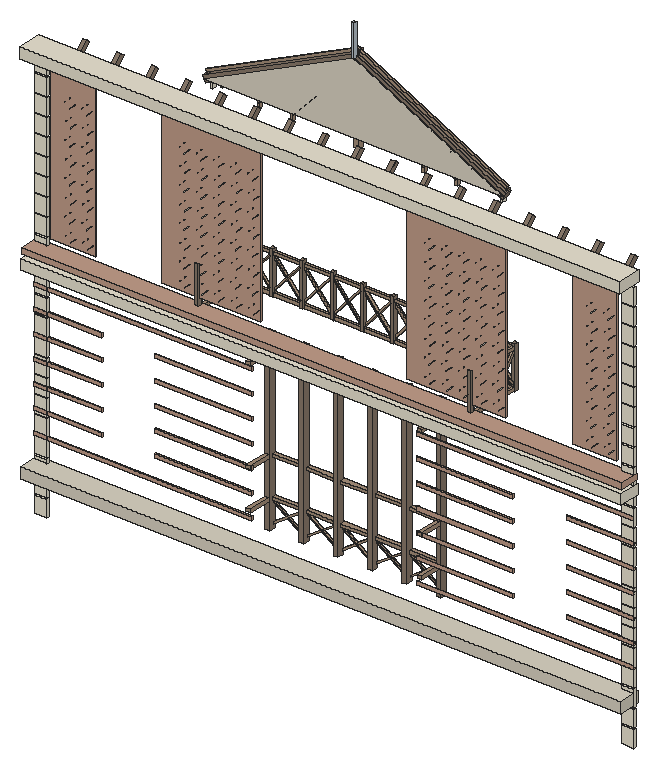
Revit family "AM_Detail_02_Rear_balcony_facade__observed", category Generic Models, Revit 2025 (continued)
Forms (mm)
  Extrusion 736, solid, material "AM Carved warm timber"
    sketch origin (2050, 6620, 2815) x (1, 0, 0) y (0, 1, 0)
      loop
        line (0, 0) -> (-100, 0) -> (-100, -620) -> (0, -620) -> (0, 0)
    from 0 to 70
  Extrusion 737, solid, material "AM Carved warm timber"
    sketch origin (2050, 6620, 4985) x (1, 0, 0) y (0, 1, 0)
      loop
        line (0, 0) -> (-100, 0) -> (-100, -620) -> (0, -620) -> (0, 0)
    from 0 to 70
  Extrusion 738, solid, material "AM Carved warm timber"
    sketch origin (-1950, 6620, 1915) x (1, 0, 0) y (0, 1, 0)
      loop
        line (0, 0) -> (-100, 0) -> (-100, -620) -> (0, -620) -> (0, 0)
    from 0 to 70
  Extrusion 739, solid, material "AM Carved warm timber"
    sketch origin (-1950, 6620, 2815) x (1, 0, 0) y (0, 1, 0)
      loop
        line (0, 0) -> (-100, 0) -> (-100, -620) -> (0, -620) -> (0, 0)
    from 0 to 70
  Extrusion 740, solid, material "AM Carved warm timber"
    sketch origin (-1950, 6620, 4985) x (1, 0, 0) y (0, 1, 0)
      loop
        line (0, 0) -> (-100, 0) -> (-100, -620) -> (0, -620) -> (0, 0)
    from 0 to 70
  Extrusion 741, solid, material "AM Warm limestone - fine pores"
    sketch origin (3500, 6580, 10180) x (0, 0, 1) y (1, 0, 0)
      loop
        line (0, 0) -> (0, -7000) -> (1670, -3500) -> (0, 0)
    from 0 to 9
  Extrusion 742, solid, material "AM Aged chestnut timber"
    sketch origin (3465.549, 6740, 10107.798) x (0.430634, 0, 0.902527) y (0, 1, 0)
      loop
        line (0, 0) -> (0, -160) -> (160, -160) -> (160, 0) -> (0, 0)
    from 0 to 3878.002
  Extrusion 743, solid, material "AM Carved warm timber"
    sketch origin (3487.081, 6710, 10302.924) x (0.430632, 0, 0.902527) y (0, 1, 0)
      loop
        line (0, 0) -> (0, -60) -> (60, -60) -> (60, 0) -> (0, 0)
    from 0 to 3878.002
  Extrusion 744, solid, material "AM Aged chestnut timber"
    sketch origin (-3465.549, 6580, 10107.798) x (0.430634, 0, -0.902527) y (0, 1, 0)
      loop
        line (0, 0) -> (0, 160) -> (-160, 160) -> (-160, 0) -> (0, 0)
    from 0 to 3878.002
  Extrusion 745, solid, material "AM Carved warm timber"
    sketch origin (-3487.081, 6650, 10302.924) x (0.430632, 0, -0.902527) y (0, 1, 0)
      loop
        line (0, 0) -> (0, 60) -> (-60, 60) -> (-60, 0) -> (0, 0)
    from 0 to 3878.002
  Extrusion 746, solid, material "AM Aged chestnut timber"
    sketch origin (3500, 6750, 10179.999) x (0, -1, 0) y (0, 0, 1)
      loop
        line (0, 0) -> (100, 0) -> (100, 100) -> (0, 100) -> (0, 0)
    from 0 to 7000
  Extrusion 747, solid, material "AM Carved warm timber"
    sketch origin (60, 6770, 9930) x (1, 0, 0) y (0, 1, 0)
      loop
        line (0, 0) -> (-120, 0) -> (-120, -120) -> (0, -120) -> (0, 0)
    from 0 to 2059.999
  Extrusion 748, solid, material "AM Carved warm timber"
    sketch origin (2337.5, 6737.5, 9960) x (1, 0, 0) y (0, 1, 0)
      loop
        line (0, 0) -> (-55, 0) -> (-55, -55) -> (0, -55) -> (0, 0)
    from 0 to 787.8
  Extrusion 749, solid, material "AM Carved warm timber"
    sketch origin (2295.501, 6735, 10059.633) x (0.579936, 0, 0.814662) y (0, 1, 0)
      loop
        line (0, 0) -> (0, -50) -> (50, -50) -> (50, 0) -> (0, 0)
    from 0 to 1275.994
  Extrusion 750, solid, material "AM Carved warm timber"
    sketch origin (1567.5, 6737.5, 9959.999) x (1, 0, 0) y (0, 1, 0)
      loop
        line (0, 0) -> (-55, 0) -> (-55, -55) -> (0, -55) -> (0, 0)
    from 0 to 1155.201
  Extrusion 751, solid, material "AM Carved warm timber"
    sketch origin (1521.752, 6735, 10062.911) x (0.729901, 0, 0.683553) y (0, 1, 0)
      loop
        line (0, 0) -> (0, -50) -> (50, -50) -> (50, 0) -> (0, 0)
    from 0 to 1013.829
  Extrusion 752, solid, material "AM Carved warm timber"
    sketch origin (-1512.5, 6737.5, 9959.999) x (1, 0, 0) y (0, 1, 0)
      loop
        line (0, 0) -> (-55, 0) -> (-55, -55) -> (0, -55) -> (0, 0)
    from 0 to 1155.201
  Extrusion 753, solid, material "AM Carved warm timber"
    sketch origin (-1521.752, 6685, 10062.911) x (0.729901, 0, -0.683553) y (0, 1, 0)
      loop
        line (0, 0) -> (0, 50) -> (-50, 50) -> (-50, 0) -> (0, 0)
    from 0 to 1013.829
  Extrusion 754, solid, material "AM Carved warm timber"
    sketch origin (-2282.5, 6737.5, 9960) x (1, 0, 0) y (0, 1, 0)
      loop
        line (0, 0) -> (-55, 0) -> (-55, -55) -> (0, -55) -> (0, 0)
    from 0 to 787.8
  Extrusion 755, solid, material "AM Carved warm timber"
    sketch origin (-2295.501, 6685, 10059.633) x (0.579936, 0, -0.814662) y (0, 1, 0)
      loop
        line (0, 0) -> (0, 50) -> (-50, 50) -> (-50, 0) -> (0, 0)
    from 0 to 1275.994
  Extrusion 756, solid, material "AM Ivory carved stone"
    sketch origin (3407.5, 6740, 9992.257) x (1, 0, 0) y (0, 1, 0)
      loop
        line (0, 0) -> (-55, 0) -> (-55, -80) -> (0, -80) -> (0, 0)
    from 0 to 129.999
  Extrusion 757, solid, material "AM Ivory carved stone"
    sketch origin (3174.397, 6740, 10103.481) x (1, 0, 0) y (0, 1, 0)
      loop
        line (0, 0) -> (-55, 0) -> (-55, -80) -> (0, -80) -> (0, 0)
    from 0 to 129.999
  Extrusion 758, solid, material "AM Ivory carved stone"
    sketch origin (2941.293, 6740, 10214.705) x (1, 0, 0) y (0, 1, 0)
      loop
        line (0, 0) -> (-55, 0) -> (-55, -80) -> (0, -80) -> (0, 0)
    from 0 to 129.999
  Extrusion 759, solid, material "AM Ivory carved stone"
    sketch origin (2708.189, 6740, 10325.929) x (1, 0, 0) y (0, 1, 0)
      loop
        line (0, 0) -> (-55, 0) -> (-55, -80) -> (0, -80) -> (0, 0)
    from 0 to 129.999
  Extrusion 760, solid, material "AM Ivory carved stone"
    sketch origin (2475.086, 6740, 10437.152) x (1, 0, 0) y (0, 1, 0)
      loop
        line (0, 0) -> (-55, 0) -> (-55, -80) -> (0, -80) -> (0, 0)
    from 0 to 129.999
  Extrusion 761, solid, material "AM Ivory carved stone"
    sketch origin (2241.983, 6740, 10548.376) x (1, 0, 0) y (0, 1, 0)
      loop
        line (0, 0) -> (-55, 0) -> (-55, -80) -> (0, -80) -> (0, 0)
    from 0 to 129.999
  Extrusion 762, solid, material "AM Ivory carved stone"
    sketch origin (2008.879, 6740, 10659.599) x (1, 0, 0) y (0, 1, 0)
      loop
        line (0, 0) -> (-55, 0) -> (-55, -80) -> (0, -80) -> (0, 0)
    from 0 to 129.999
  Extrusion 763, solid, material "AM Ivory carved stone"
    sketch origin (1775.776, 6740, 10770.823) x (1, 0, 0) y (0, 1, 0)
      loop
        line (0, 0) -> (-55, 0) -> (-55, -80) -> (0, -80) -> (0, 0)
    from 0 to 129.999
  Extrusion 764, solid, material "AM Ivory carved stone"
    sketch origin (1542.672, 6740, 10882.047) x (1, 0, 0) y (0, 1, 0)
      loop
        line (0, 0) -> (-55, 0) -> (-55, -80) -> (0, -80) -> (0, 0)
    from 0 to 129.999
  Extrusion 765, solid, material "AM Ivory carved stone"
    sketch origin (1309.569, 6740, 10993.27) x (1, 0, 0) y (0, 1, 0)
      loop
        line (0, 0) -> (-55, 0) -> (-55, -80) -> (0, -80) -> (0, 0)
    from 0 to 129.999
  Extrusion 766, solid, material "AM Ivory carved stone"
    sketch origin (1076.466, 6740, 11104.494) x (1, 0, 0) y (0, 1, 0)
      loop
        line (0, 0) -> (-55, 0) -> (-55, -80) -> (0, -80) -> (0, 0)
    from 0 to 129.999
  Extrusion 767, solid, material "AM Ivory carved stone"
    sketch origin (843.362, 6740, 11215.717) x (1, 0, 0) y (0, 1, 0)
      loop
        line (0, 0) -> (-55, 0) -> (-55, -80) -> (0, -80) -> (0, 0)
    from 0 to 129.999
  Extrusion 768, solid, material "AM Ivory carved stone"
    sketch origin (610.259, 6740, 11326.941) x (1, 0, 0) y (0, 1, 0)
      loop
        line (0, 0) -> (-55, 0) -> (-55, -80) -> (0, -80) -> (0, 0)
    from 0 to 129.999
  Extrusion 769, solid, material "AM Ivory carved stone"
    sketch origin (377.155, 6740, 11438.165) x (1, 0, 0) y (0, 1, 0)
      loop
        line (0, 0) -> (-55, 0) -> (-55, -80) -> (0, -80) -> (0, 0)
    from 0 to 129.999
  Extrusion 770, solid, material "AM Ivory carved stone"
    sketch origin (144.052, 6740, 11549.389) x (1, 0, 0) y (0, 1, 0)
      loop
        line (0, 0) -> (-55, 0) -> (-55, -80) -> (0, -80) -> (0, 0)
    from 0 to 129.999
  Extrusion 771, solid, material "AM Ivory carved stone"
    sketch origin (-89.052, 6740, 11549.389) x (1, 0, 0) y (0, 1, 0)
      loop
        line (0, 0) -> (-55, 0) -> (-55, -80) -> (0, -80) -> (0, 0)
    from 0 to 129.999
  Extrusion 772, solid, material "AM Ivory carved stone"
    sketch origin (-322.155, 6740, 11438.165) x (1, 0, 0) y (0, 1, 0)
      loop
        line (0, 0) -> (-55, 0) -> (-55, -80) -> (0, -80) -> (0, 0)
    from 0 to 129.999
  Extrusion 773, solid, material "AM Ivory carved stone"
    sketch origin (-555.259, 6740, 11326.941) x (1, 0, 0) y (0, 1, 0)
      loop
        line (0, 0) -> (-55, 0) -> (-55, -80) -> (0, -80) -> (0, 0)
    from 0 to 129.999
  Extrusion 774, solid, material "AM Ivory carved stone"
    sketch origin (-788.362, 6740, 11215.717) x (1, 0, 0) y (0, 1, 0)
      loop
        line (0, 0) -> (-55, 0) -> (-55, -80) -> (0, -80) -> (0, 0)
    from 0 to 129.999
  Extrusion 775, solid, material "AM Ivory carved stone"
    sketch origin (-1021.466, 6740, 11104.494) x (1, 0, 0) y (0, 1, 0)
      loop
        line (0, 0) -> (-55, 0) -> (-55, -80) -> (0, -80) -> (0, 0)
    from 0 to 129.999
  Extrusion 776, solid, material "AM Ivory carved stone"
    sketch origin (-1254.569, 6740, 10993.27) x (1, 0, 0) y (0, 1, 0)
      loop
        line (0, 0) -> (-55, 0) -> (-55, -80) -> (0, -80) -> (0, 0)
    from 0 to 129.999
  Extrusion 777, solid, material "AM Ivory carved stone"
    sketch origin (-1487.672, 6740, 10882.047) x (1, 0, 0) y (0, 1, 0)
      loop
        line (0, 0) -> (-55, 0) -> (-55, -80) -> (0, -80) -> (0, 0)
    from 0 to 129.999
  Extrusion 778, solid, material "AM Ivory carved stone"
    sketch origin (-1720.776, 6740, 10770.823) x (1, 0, 0) y (0, 1, 0)
      loop
        line (0, 0) -> (-55, 0) -> (-55, -80) -> (0, -80) -> (0, 0)
    from 0 to 129.999
  Extrusion 779, solid, material "AM Ivory carved stone"
    sketch origin (-1953.879, 6740, 10659.599) x (1, 0, 0) y (0, 1, 0)
      loop
        line (0, 0) -> (-55, 0) -> (-55, -80) -> (0, -80) -> (0, 0)
    from 0 to 129.999
  Extrusion 780, solid, material "AM Ivory carved stone"
    sketch origin (-2186.983, 6740, 10548.376) x (1, 0, 0) y (0, 1, 0)
      loop
        line (0, 0) -> (-55, 0) -> (-55, -80) -> (0, -80) -> (0, 0)
    from 0 to 129.999
  Extrusion 781, solid, material "AM Ivory carved stone"
    sketch origin (-2420.086, 6740, 10437.152) x (1, 0, 0) y (0, 1, 0)
      loop
        line (0, 0) -> (-55, 0) -> (-55, -80) -> (0, -80) -> (0, 0)
    from 0 to 129.999
  Extrusion 782, solid, material "AM Ivory carved stone"
    sketch origin (-2653.19, 6740, 10325.929) x (1, 0, 0) y (0, 1, 0)
      loop
        line (0, 0) -> (-55, 0) -> (-55, -80) -> (0, -80) -> (0, 0)
    from 0 to 129.999
  Extrusion 783, solid, material "AM Ivory carved stone"
    sketch origin (-2886.293, 6740, 10214.705) x (1, 0, 0) y (0, 1, 0)
      loop
        line (0, 0) -> (-55, 0) -> (-55, -80) -> (0, -80) -> (0, 0)
    from 0 to 129.999
  Extrusion 784, solid, material "AM Ivory carved stone"
    sketch origin (-3119.397, 6740, 10103.481) x (1, 0, 0) y (0, 1, 0)
      loop
        line (0, 0) -> (-55, 0) -> (-55, -80) -> (0, -80) -> (0, 0)
    from 0 to 129.999
  Extrusion 785, solid, material "AM Ivory carved stone"
    sketch origin (-3352.5, 6740, 9992.257) x (1, 0, 0) y (0, 1, 0)
      loop
        line (0, 0) -> (-55, 0) -> (-55, -80) -> (0, -80) -> (0, 0)
    from 0 to 129.999
  Extrusion 786, solid, material "AM Weathered blue grey zinc"
    sketch origin (32.5, 6612.5, 11850) x (1, 0, 0) y (0, 1, 0)
      loop
        line (0, 0) -> (-65, 0) -> (-65, -65) -> (0, -65) -> (0, 0)
    from 0 to 759.998
Dimensions and locks
  aligned and locked: level to plane 2
